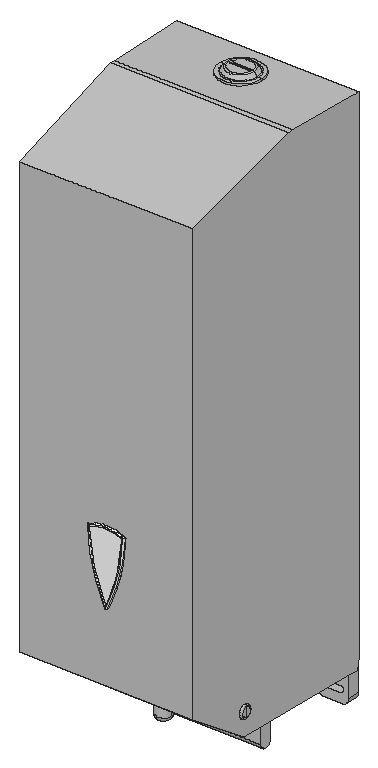
Revit family "Reece_Accessory_Wolfen_Soap Dispenser", category Plumbing Fixtures, Revit 2018
Family settings
  Round Connector Dimension = Use Diameter
  Part Type = Normal
  Work Plane-Based = Yes
  Always vertical = Yes
  Cut with Voids When Loaded = Yes
  Shared = Yes
  Room Calculation Point = Yes
Parameters (values of type "Stainless Steel")
  URL = "https://www.reece.com.au/product/-2263888"
  Type Comments = "Accessory"
  Reece_Product_Web Page = "https://www.reece.com.au/product/-2263888"
  Reece_Product_Type = "Accessory"  # constant formula
  Reece_Product_Sub Brand = "Wolfen"  # constant formula
  Reece_Product_Number = "2263888"
  Reece_Product_Mount = "Wall Mounted"
  Reece_Product_Description = "Wolfen Soap Dispenser Stainless Steel"
  Reece_Product_Brand = "Wolfen"  # constant formula
  Reece_Overall_Width = 99 mm  # constant formula
  Reece_Overall_Height = 320 mm  # constant formula
  Reece_Material_Secondary = Reece_Plastic_Transparent
  Reece_Material_Main = Reece_Brass_Brushed Stainless Steel
  Reece_Height_From_Level [instance] = 1000 mm
  Reece_Detail_Shape = ""
  Reece_Detail_Installation = ""
  Reece_Detail_Disclaimer = "THIS FILE IS THE PROPERTY OF THE REECE GROUP. IT MAY NOT BE REPRODUCED, REVERSE-ENGINEERED OR MODIFIED. ANY REPUBLICATION, TRANSMISSION OR DISTRIBUTION FOR THE PURPOSE OF COMMERCIALLY EXPLOITING THE FILES IS PROHIBITED."  # constant formula
  Reece_Detail_Connector = ""
  Reece_Detail_Additional = "Soap Dispenser"  # constant formula
  Reece_Accessory_Projection = 110 mm  # constant formula
  Model = "Wolfen"
  Manufacturer = "Wolfen"
  Keynote = "Product #2263888, Reece_Accessory_Wolfen_Soap Dispenser - Stainless Steel"
  Disclaimer = "THIS FILE IS THE PROPERTY OF THE REECE GROUP. IT MAY NOT BE REPRODUCED, REVERSE-ENGINEERED OR MODIFIED. ANY REPUBLICATION, TRANSMISSION OR DISTRIBUTION FOR THE PURPOSE OF COMMERCIALLY EXPLOITING THE FILES IS PROHIBITED."  # constant formula
  Description = "Wolfen Soap Dispenser Stainless Steel"
  Default Elevation = 0 mm
Types (2, lengths in mm): name | Keynote
  (no name) | "Product #2263888, Reece_Accessory_Wolfen_Soap Dispenser -  "
  Stainless Steel | "Product #2263888, Reece_Accessory_Wolfen_Soap Dispenser - Stainless Steel"
Reference planes
  plane 1 "Center (Front/Back)": y = 0
  plane 2 "Bottom Host Plane": z = -5
  plane 3 "Center (Left/Right)": x = 0
  plane 4 "Fixing Point": z = 1000
  plane 5: x = -49.477
  plane 6: x = 49.523
  plane 7: x = -47.191
  plane 8: x = 47.191
  plane 9: z = 709.496
  plane 10: z = 738.145
  plane 11: z = 1029.506
  plane 12: y = -110
Lines and regions (mm)
  model lines, style "InvisibleLines"
    curve 1: line (0, 0, -5) -> (0, 0, 1000)
Text (mm)
  text "Reece ©" at (2481.172, -2187.562, 3348.078), in view "Reece Preview"
  text "Reece Copyright © 2018, Reece Ltd." at (-237.552, -166.655, 0), in view "Ref. Level"
Dimensions and locks
  locked: plane 2 "Bottom Host Plane" to level at 5
  "Reece_Height_From_Level": plane 4 "Fixing Point" to level
  level to plane 4 "Fixing Point" = 1000 mm  (x2)
  plane 5 to plane 6 = 99 mm
  plane 7 to plane 8 = 94.382 mm
  "Reece_Accessory_Projection": nested 1 to plane 1 "Center (Front/Back)"
  "Reece_Overall_Width": plane 5 to plane 6
  "Reece_Overall_Height": nested 1 to plane 9
  nested 1 to plane 4 "Fixing Point" to plane 9 = 29.506 mm locked, 290.504 mm locked
  plane 1 "Center (Front/Back)" to nested 1 = 110 mm
  plane 9 to nested 1 = 320.011 mm
  nested 1 to plane 1 "Center (Front/Back)" = 110 mm
  nested 1 to plane 9 = 320.011 mm
  plane 10 to plane 4 "Fixing Point" = 261.855 mm
  aligned and locked: plane 4 "Fixing Point" to curve 1
  aligned and locked: plane 4 "Fixing Point" to nested 1
Automatic sketch dimensions
  curve 1 to plane 3 "Center (Left/Right)" = 0 mm
  curve 1 to plane 2 "Bottom Host Plane" = 0 mm
Nested families
  nested 1: "Reece_Accessory_Wolfen_Soap Dispenser_Nested" at (0, -0.017, 1000), Reece_Material_Main <- "Reece_Material_Main", Reece_Material_Secondary <- "Reece_Material_Secondary", type "Reece_Accessory_Wolfen_Soap Dispenser_Nested"
    with Reece_Material_Secondary Reece_Plastic_Transparent, Reece_Material_Main Reece_Brass_Brushed Stainless Steel
Definition of nested family "Reece_Accessory_Wolfen_Soap Dispenser_Nested"
  Parameters (values of type "Reece_Accessory_Wolfen_Soap Dispenser_Nested")
    Waste Connection = no
    WFU = 0
    Vent Connection = no
    URL = ""
    Type Comments = ""
    Reece_Material_Secondary [instance] = none
    Reece_Material_Main [instance] = none
    Model = ""
    Manufacturer = ""
    Keynote = ""
    HWFU = 0
    HW Connection = no
    Description = ""
    Default Elevation = 0 mm
    Cost = 0
    CWFU = 0
    CW Connection = no
    Assembly Code = ""
  Reference planes
    plane 1 "Center (Front/Back)": y = 0
    plane 2 "Bottom Host Plane": z = -5
    plane 3 "Center (Left/Right)": x = 0
    plane 4 "Fixing Point": z = 0
    plane 5: y = -76.261
    plane 6: y = -7.317
  Forms (mm)
    Extrusion 1, solid, material <- "Reece_Material_Main"
      sketch origin (0, 0, 0) x (0, 1, 0) y (0, 0, 1)
        loop
          line (0, 29.506) -> (-109.983, 29.506) -> (-109.983, -261.501) -> (0, -261.501) -> (0, 29.506)
      from -49.5 to 49.5
    Extrusion 2, void
      sketch origin (0, 0, 0) x (1, 0, 0) y (0, 1, 0)
        loop
          line (-46.981, -119.983) -> (46.981, -119.983) -> (50.283, 37.314) -> (-50.283, 37.314) -> (-46.981, -119.983)
        loop
          line (-62.014, 47.182) -> (-62.014, -127.818) -> (57.986, -127.818) -> (57.986, 47.182) -> (-62.014, 47.182)
      from -290.504 to 82.831
    Extrusion 3, void
      sketch origin (0, 0, 0) x (0, 1, 0) y (0, 0, 1)
        loop
          arc (-46.174, 29.156) -> (-45.017, 29.418) -> (-43.835, 29.506) r 8
          line (-43.835, 29.506) -> (15.992, 29.506) -> (15.992, 50.607) -> (-117.512, 50.607) -> (-117.512, 9.116) -> (-111.724, 9.116) -> (-46.174, 29.156)
        loop
          line (-111.201, -229.531) -> (-117.512, -229.531) -> (-117.512, -290.504) -> (15.992, -290.504) -> (15.992, -246.793) -> (0, -246.793) -> (-2.535, -261.501) -> (-67.456, -258.764)
          arc (-67.456, -258.764) -> (-67.871, -258.688) -> (-68.25, -258.502) r 1.536
          line (-68.25, -258.502) -> (-111.201, -229.531)
      from -74.069 to 71.28
    Extrusion 4, solid, material <- "Reece_Material_Main"
      sketch origin (0, -1.883, 6.482) x (0, 1, 0) y (0, 0, 1)
        loop
          line (-28.117, -288.976) -> (-28.117, -237.121) -> (-34.136, -237.121) -> (-34.136, -288.976)
          arc (-34.136, -288.976) -> (-31.127, -291.986) -> (-28.117, -288.976) r 3.01
      from -25.14 to 25.14
    Revolve 5, solid, material <- "Reece_Material_Main"
      sketch origin (0, -71.02, 716.25) x (0, 0, -1) y (-1, 0, 0)
        loop
          line (962.214, 0) -> (962.214, -4.241) -> (976.998, -4.241)
          arc (976.998, -4.241) -> (979.118, -2.121) -> (976.998, 0) r 2.121
          line (976.998, 0) -> (962.214, 0)
        axis (976.998, 0) -> (962.214, 0)
      angle from 0 to 360
    Extrusion 6, void
      sketch origin (0, 0, 0) x (1, 0, 0) y (0, 0, 1)
        loop
          line (-59.007, -253.099) -> (-59.007, -290.504) -> (-31.399, -290.504) -> (-31.399, -253.099) -> (-59.007, -253.099)
        loop
          line (61.111, -253.099) -> (31.399, -253.099) -> (31.399, -290.504) -> (61.111, -290.504) -> (61.111, -253.099)
      from 0 to 76.67
    Revolve 7, void
      sketch origin (0, -71.02, 716.25) x (0, 0, -1) y (-1, 0, 0)
        loop
          line (962.214, 0) -> (962.214, -6.271) -> (980.276, -6.271) -> (980.276, 0) -> (962.214, 0)
        axis (980.276, 0) -> (962.214, 0)
      angle from 0 to 360
    Extrusion 8, void
      sketch origin (0, 0, 0) x (1, 0, 0) y (0, 0, 1)
        loop
          arc (10.261, -154.267) -> (0, -151.667) -> (-10.261, -154.267) r 21.549
          arc (-10.261, -154.267) -> (-7.614, -173.7) -> (-0.922, -192.136) r 92.351
          arc (-0.922, -192.136) -> (0, -192.712) -> (0.922, -192.136) r 1.026
          arc (0.922, -192.136) -> (7.614, -173.7) -> (10.261, -154.267) r 92.351
      from 97.741 to 109.983
    Extrusion 9, solid, material <- "Reece_Material_Secondary"
      sketch origin (0, 0, 0) x (1, 0, 0) y (0, 0, 1)
        loop
          arc (-10.261, -154.267) -> (-7.614, -173.7) -> (-0.922, -192.136) r 92.351
          arc (-0.922, -192.136) -> (0, -192.712) -> (0.922, -192.136) r 1.026
          arc (0.922, -192.136) -> (7.614, -173.7) -> (10.261, -154.267) r 92.351
          arc (10.261, -154.267) -> (0, -151.667) -> (-10.261, -154.267) r 21.549
        loop
          arc (-8.637, -154.57) -> (-9.07, -154.957) -> (-9.215, -155.52) r 1
          arc (-9.215, -155.52) -> (-6.48, -174.109) -> (0, -191.745) r 91.351
          arc (0, -191.745) -> (6.48, -174.109) -> (9.215, -155.52) r 91.351
          arc (9.215, -155.52) -> (9.07, -154.957) -> (8.637, -154.57) r 1
          arc (8.637, -154.57) -> (0, -152.667) -> (-8.637, -154.57) r 20.549
      from 97.741 to 110.845
    Extrusion 10, void
      sketch origin (0, 0, 0) x (1, 0, 0) y (0, 1, 0)
        loop
          line (45.722, -108.483) -> (47.946, -2.535) -> (46.946, -2.535) -> (44.743, -107.483) -> (-44.743, -107.483) -> (-46.946, -2.535) -> (-47.946, -2.535) -> (-45.722, -108.483) -> (45.722, -108.483)
      from -290.504 to -215.385
    Revolve 11, solid, material <- "Reece_Material_Main"
      sketch origin (1.346, -18.493, 1189.631) x (-1, 0, 0) y (0, 0, 1)
        loop
          line (1.346, -1160.125) -> (1.346, -1157.03) -> (-5.116, -1157.03)
          arc (-5.116, -1157.03) -> (-5.515, -1157.115) -> (-5.844, -1157.356) r 0.976
          line (-5.844, -1157.356) -> (-7.47, -1159.174)
          arc (-7.47, -1159.174) -> (-7.803, -1159.373) -> (-8.19, -1159.347) r 0.651
          arc (-8.19, -1159.347) -> (-9.125, -1159.149) -> (-10.075, -1159.256) r 2.992
          line (-10.075, -1159.256) -> (-10.075, -1160.125) -> (1.346, -1160.125)
        axis (1.346, -1157.03) -> (1.346, -1160.125)
      angle from 0 to 360
    Extrusion 12, void
      sketch origin (18.839, -18.368, -10.369) x (0, -1, 0) y (1, 0, 0)
        loop
          line (-0.982, -12.985) -> (-0.982, -24.161) -> (1.018, -24.161) -> (1.018, -12.985) -> (-0.982, -12.985)
      from 42.232 to 43.802
    Extrusion 13, solid, material <- "Reece_Material_Main"
      sketch origin (0, 0, 0) x (1, 0, 0) y (0, 0, 1)
        loop
          arc (-4.026, 2.486) -> (-4.741, 2.19) -> (-5.038, 1.475) r 1.012
          line (-5.038, 1.475) -> (-5.038, -1.487)
          arc (-5.038, -1.487) -> (-4.745, -2.194) -> (-4.038, -2.487) r 1
          line (-4.038, -2.487) -> (4.038, -2.487)
          arc (4.038, -2.487) -> (4.745, -2.194) -> (5.038, -1.487) r 1
          line (5.038, -1.487) -> (5.038, 1.486)
          arc (5.038, 1.486) -> (4.745, 2.193) -> (4.038, 2.486) r 1
          line (4.038, 2.486) -> (-4.026, 2.486)
        loop
          line (-22.048, 12.495) -> (-22.048, -167.749) -> (22.048, -167.749) -> (22.048, 12.495) -> (-22.048, 12.495)
      from 0 to -1
    Extrusion 14, solid, material <- "Reece_Material_Main"
      sketch origin (0, 0, -1.25) x (1, 0, 0) y (0, 0, 1)
        loop
          line (-45.622, -267.268) -> (-35.101, -267.268)
          arc (-35.101, -267.268) -> (-32.427, -266.311) -> (-30.967, -263.876) r 4.215
          arc (-30.967, -263.876) -> (-30.235, -262.654) -> (-28.895, -262.175) r 2.113
          line (-28.895, -262.175) -> (28.895, -262.175)
          arc (28.895, -262.175) -> (30.235, -262.654) -> (30.967, -263.876) r 2.113
          arc (30.967, -263.876) -> (32.427, -266.311) -> (35.101, -267.268) r 4.215
          line (35.101, -267.268) -> (45.622, -267.268)
          arc (45.622, -267.268) -> (48.19, -266.204) -> (49.254, -263.636) r 3.632
          line (49.254, -263.636) -> (49.254, -244.679) -> (-49.254, -244.679) -> (-49.254, -263.636)
          arc (-49.254, -263.636) -> (-48.19, -266.204) -> (-45.622, -267.268) r 3.632
        loop
          arc (-34.25, -262.605) -> (-32.25, -260.605) -> (-34.25, -258.605) r 2
          line (-34.25, -258.605) -> (-44.316, -258.605)
          arc (-44.316, -258.605) -> (-46.316, -260.605) -> (-44.316, -262.605) r 2
          line (-44.316, -262.605) -> (-34.25, -262.605)
        loop
          arc (44.316, -262.605) -> (46.316, -260.605) -> (44.316, -258.605) r 2
          line (44.316, -258.605) -> (34.25, -258.605)
          arc (34.25, -258.605) -> (32.25, -260.605) -> (34.25, -262.605) r 2
          line (34.25, -262.605) -> (44.316, -262.605)
      from 0 to 6.02
    Revolve 15, solid, material <- "Reece_Material_Main"
      sketch origin (1.624, -76.261, -246.849) x (0, 0, -1) y (-1, 0, 0)
        loop
          line (-6.306, 49.026) -> (-6.306, 50.856) -> (-8.861, 50.856)
          arc (-8.861, 50.856) -> (-9.457, 50.609) -> (-9.704, 50.013) r 0.843
          line (-9.704, 50.013) -> (-9.704, 49.026) -> (-6.306, 49.026)
        axis (-6.306, 49.026) -> (-6.306, 50.856)
      angle from 0 to 360
    Revolve 16, solid, material <- "Reece_Material_Main"
      sketch origin (-1.591, -76.261, -246.849) x (0, 0, -1) y (-1, 0, 0)
        loop
          line (-6.306, -49.026) -> (-9.704, -49.026) -> (-9.704, -50.013)
          arc (-9.704, -50.013) -> (-9.457, -50.609) -> (-8.861, -50.856) r 0.843
          line (-8.861, -50.856) -> (-6.306, -50.856) -> (-6.306, -49.026)
        axis (-6.306, -49.026) -> (-6.306, -50.856)
      angle from 0 to 360
    Extrusion 17, solid, material <- "Reece_Material_Secondary"
      sketch origin (0, 0, 0) x (1, 0, 0) y (0, 0, 1)
        loop
          arc (0, -191.745) -> (6.561, -173.79) -> (9.241, -154.862) r 91.351
          arc (9.241, -154.862) -> (0, -152.667) -> (-9.241, -154.862) r 20.549
          arc (-9.241, -154.862) -> (-6.561, -173.79) -> (0, -191.745) r 91.351
      from 105.544 to 110.845
    Sweep 18, void
      path in 3D
        loop
          arc (10.261, -110.845, -154.267) -> (7.614, -110.845, -173.7) -> (0.922, -110.845, -192.136) r 92.351
          arc (0.922, -110.845, -192.136) -> (0, -110.845, -192.712) -> (-0.922, -110.845, -192.136) r 1.026
          arc (-0.922, -110.845, -192.136) -> (-7.614, -110.845, -173.7) -> (-10.261, -110.845, -154.267) r 92.351
          arc (-10.261, -110.845, -154.267) -> (0, -110.845, -151.667) -> (10.261, -110.845, -154.267) r 21.549
      profile origin (0, -110.845, -151.667) x (0, 0, 1) y (0, -1, 0)
        loop
          line (0, -0.861) -> (0.792, 0.172) -> (-0.697, 0.172) -> (0, -0.861)
  Cuts and joins
    Extrusion 2, Extrusion 3, Extrusion 6, Revolve 7, Extrusion 8, Extrusion 10 cuts Extrusion 1
    Extrusion 6, Extrusion 10 cuts Extrusion 4
    Extrusion 12 cuts Revolve 11
    joined: Extrusion 1, Extrusion 4, Revolve 5, Revolve 11, Extrusion 13, Extrusion 14, Revolve 15, Revolve 16
    Sweep 18 cuts Extrusion 9
  Lines and regions (mm)
    sketch lines
      curve 1: arc (-10.261, -110.845, -154.267) -> (0, -110.845, -151.667) -> (10.261, -110.845, -154.267) r 21.549
      curve 2: arc (10.261, -110.845, -154.267) -> (7.614, -110.845, -173.7) -> (0.922, -110.845, -192.136) r 92.351
      curve 3: arc (-0.922, -110.845, -192.136) -> (-7.614, -110.845, -173.7) -> (-10.261, -110.845, -154.267) r 92.351
      curve 4: arc (0.922, -110.845, -192.136) -> (0, -110.845, -192.712) -> (-0.922, -110.845, -192.136) r 1.026
  Text (mm)
    text "Reece ©" at (3061, -2454.195, 2501.617), in view "Reece Preview"
  Dimensions and locks
    locked: plane 2 "Bottom Host Plane" to level at 5
    plane 4 "Fixing Point" to level = 0 mm
